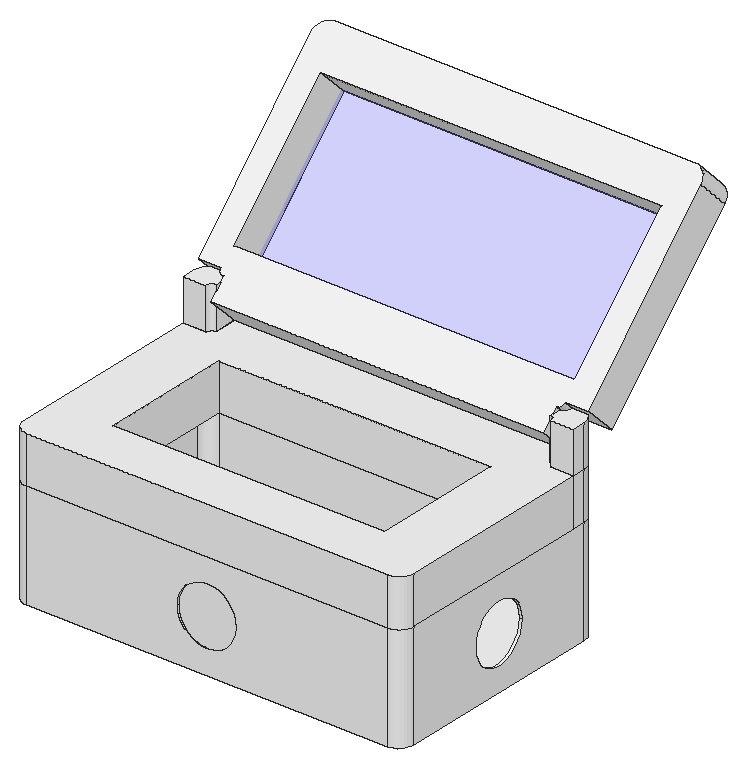
Revit family "Domotics-DomesticRanges-GEWISS-27COMBI_SYSTEM-IP55_1P_2P_3P_4P", category Apparecchi elettrici, host Superficie, Revit 2016
Family settings
  Host = Superficie
  Mantenere orientamento annotazione = No
  Tipo di parte = Normale
  Quota connettore circolare = Usa diametro
  Numero OmniClass = 23.80.30.14.24
  Titolo OmniClass = Junction Boxes
  Taglio con vuoti quando caricato = Sì
  Condiviso = No
  Punto di calcolo locali = No
Parameters (values of type "GW27044 - 4 gangs")
  Version file RFA = "19.4"
  URL = "https://www.gewiss.com/ww/en"
  Type of knockout holes = "Removable with tool"
  Torque screws tightening = "0,8NM"
  Tipo = SYSTEM COMBI CONTENITORI IP55_BASE : GW27044 - 4 POSTO
  Thermo-pressure with ball = "70 °C"
  Technical sheet = "https://www.gewiss.com/ww/en/search?q=GW27044"
  Standard; = "EN 60670-1"
  Shock resistance = "IK07"
  SPORTELLO APERTO [instance] = yes
  SEO = "Enclosure"
  Realized by GEWISS S.p.A. = ""
  Produttore = "GEWISS S.p.A."
  Outer dim. LxHxD (mm) = "132x82x65"
  No. knockout holes Ã˜23 = "8 on sides / 1 on the bottom"
  No. SYSTEM modules = "4 gang"
  N. holes Ã˜ 23 with cable gland = ""
  Modello = "GW27044"
  Lid screws = "Stainless steel"
  Larghezza = 132 mm
  Insulation class = "II"
  Installation temperature = "-25 +60 °C"
  IP degree = "IP55"
  IFC.TypeObject = ""
  IFC.ExportType = ""
  IFC.ExportAs = ""
  Default Elevation = 1219.2 mm
  Immagine tipo = GW27044.jpg
  IDT = "3807d107-ecc7-4bef-bd8b-fcc875e0ad94"
  IDF = "ca9a8566-e3d3-440d-b06c-67991be3eed3"
  Glow Wire Test = "650°C"
  Electrocod = "0212"
  EAN code = "8011564055391"
  Door type = "With membrane"
  Door colour: = "Transparent"
  Descrizione = "HORIZ.4(4x1) GANG ENCLOSURE IP55"
  Description: = "4 gang"
  Colour = "Grey RAL 7035"
  Catalogue Range = "27COMBI"
  Catalogue = "DOMOTICS"
  COBie.Tagnumber = ""
  COBie.CreatedOn = ""
  COBie.CreatebBy = ""
  COBie.ComponentRegisterItemID = ""
  COBie.Component.TagNumber = ""
  COBie.Component.Space = ""
  COBie.Component.SerialNumber = ""
  COBie.Component.InstallationDate = ""
  COBie.Component.Description = ""
  COBie.Component.BarCode = ""
Types (4, lengths in mm): name | Tipo | Technical sheet | Outer dim. LxHxD (mm) | No. knockout holes Ã˜23 | No. SYSTEM modules | N. holes Ã˜ 23 with cable gland | Modello | Larghezza | Immagine tipo | IDT | EAN code | Descrizione | Description:
  GW27041 - 1 gang | SYSTEM COMBI CONTENITORI IP55_BASE : GW27041 - 1 POSTO | "https://www.gewiss.com/ww/en/search?q=GW27041" | "66x82x65" | "3 on sides / 1 on the bottom" | "1 gang" | "1" | "GW27041" | 66 | GW27041.jpg | "8f18aae1-c1c6-496f-8bd1-f9b18db38e98" | "8011564055360" | "HORIZ.1 GANG ENCLOSURE IP55" | "1 gang"
  GW27042 - 2 gangs | SYSTEM COMBI CONTENITORI IP55_BASE : GW27042 - 2 POSTO | "https://www.gewiss.com/ww/en/search?q=GW27042" | "66x82x65" | "3 on sides / 1 on the bottom" | "2 gang" | "1" | "GW27042" | 66 | GW27042.jpg | "f7184be8-eaa5-4369-bd14-6d072688526a" | "8011564055377" | "HORIZ.2 GANG ENCLOSURE IP55" | "2 gang"
  GW27043 - 3 gangs | SYSTEM COMBI CONTENITORI IP55_BASE : GW27043 - 3 POSTO | "https://www.gewiss.com/ww/en/search?q=GW27043" | "99x82x65" | "3 on sides / 1 on the bottom" | "3 gang" | "1" | "GW27043" | 99 | GW27043.jpg | "1fe81450-284b-45f8-b475-0bfe40f20753" | "8011564055384" | "HORIZ.3 GANG ENCLOSURE IP55" | "3 gang"
  GW27044 - 4 gangs | SYSTEM COMBI CONTENITORI IP55_BASE : GW27044 - 4 POSTO | "https://www.gewiss.com/ww/en/search?q=GW27044" | "132x82x65" | "8 on sides / 1 on the bottom" | "4 gang" | "" | "GW27044" | 132 | GW27044.jpg | "3807d107-ecc7-4bef-bd8b-fcc875e0ad94" | "8011564055391" | "HORIZ.4(4x1) GANG ENCLOSURE IP55" | "4 gang"
Reference planes
  plane 1 "Centro (Fronte/Retro)": y = 0
  plane 2: z = 0
  plane 3 "Centro (Sinistra/Destra)": x = 0
  plane 4: x = -66
  plane 5: x = 66
  plane 6: y = 41
  plane 7: y = -41
  plane 8: z = 66
Lines and regions (mm)
  Masking region 1
    outline origin (0, 0, 0) x (1, 0, 0) y (0, 0, 1)
      loop
        line (-66, 0) -> (66, 0) -> (66, 66) -> (-66, 66) -> (-66, 0)
  Masking region 2
    outline origin (0, 0, 0) x (0, 1, 0) y (0, 0, 1)
      loop
        line (-41, 0) -> (41, 0) -> (41, 66) -> (-41, 66) -> (-41, 0)
  Masking region 3, detail levels medium+fine
    outline origin (0, 0, 0) x (1, 0, 0) y (0, 0, 1)
      loop
        circle (0, 18) r 10
  Masking region 4, detail levels medium+fine
    outline origin (0, 0, 3.713) x (0, 1, 0) y (0, 0, 1)
      loop
        circle (0, 13.287) r 10
Dimensions and locks
  equal spacing: plane 4, plane 3 "Centro (Sinistra/Destra)", plane 5
  "Larghezza": plane 4 to plane 5
  locked: plane 6 to plane 7 at 82
  locked: plane 8 to host face at 66
  aligned and locked: plane 2 to host face
  aligned and locked: level to host face
  aligned and locked: plane 1 "Centro (Fronte/Retro)" to nested 1
  aligned and locked: plane 3 "Centro (Sinistra/Destra)" to nested 1
  aligned and locked: Masking region 1 sketch curve to level
  aligned and locked: plane 5 to Masking region 1 sketch curve
  aligned and locked: plane 8 to Masking region 1
  aligned and locked: Masking region 1 to plane 4
  aligned and locked: Masking region 2 sketch curve to level
  aligned and locked: plane 8 to Masking region 2 sketch curve
  aligned and locked: plane 6 to Masking region 2 sketch curve
Automatic sketch dimensions
  host sketch curve to host sketch curve = 2438.4 mm  (x2)
  Masking region 1 sketch curve to plane 3 "Centro (Sinistra/Destra)" = 66 mm
  level to Masking region 1 sketch curve = 66 mm
  Masking region 2 sketch curve to plane 7 = 0 mm
  Masking region 3 sketch curve to plane 3 "Centro (Sinistra/Destra)" = 0 mm
  level to Masking region 3 sketch curve = 18 mm
  Masking region 4 sketch curve to plane 1 "Centro (Fronte/Retro)" = 0 mm
  level to Masking region 4 sketch curve = 17 mm
  radius of Masking region 3 sketch curve = 10 mm
  radius of Masking region 4 sketch curve = 10 mm
Nested families
  nested 1: "SYSTEM COMBI CONTENITORI IP55_BASE" at (0, 0, 0), type <- "Tipo", Sportello aperto <- "SPORTELLO APERTO", type "GW27044 - 4 POSTO"
    with Sportello chiuso no, Sportello aperto yes
Definition of nested family "SYSTEM COMBI CONTENITORI IP55_BASE"
  Parameters (values of type "GW27041 - 1 POSTO")
    VETRO = none
    Sportello chiuso [instance] = not(Sportello aperto)  # no
    Sportello aperto [instance] = yes
    Profondità scatola = 36 mm
    Offset bidimensionale = 60 mm
    Larghezza scatola = 66 mm
    SCATOLA = none
    Larghezza foro = 23 mm
    Dettaglio 4P = no
    Dettaglio 3-2-1P = yes
    Default Elevation = 1219.2 mm
    Altezza scatola = 82 mm
    Altezza foro = 45 mm
  Types (4, lengths in mm): name | Larghezza scatola | Larghezza foro | Dettaglio 4P | Dettaglio 3-2-1P
    GW27041 - 1 POSTO | 66 | 23 | no | yes
    GW27042 - 2 POSTO | 66 | 46 | no | yes
    GW27043 - 3 POSTO | 99 | 69 | no | yes
    GW27044 - 4 POSTO | 132 | 92 | yes | no
  Reference planes
    plane 1 "Centro (Fronte/Retro)": y = 0
    plane 2: z = 0
    plane 3 "Centro (Sinistra/Destra)": x = 0
    plane 4: x = -33
    plane 5: x = 33
    plane 6 "1": y = 41
    plane 7: y = -41
    plane 8 "PIANO 1": z = 66
    plane 9: z = 36
    plane 10 "2": z = 2
    plane 11: z = 52
    plane 12: x = -11.5
    plane 13: x = 11.5
    plane 14: y = 21.5
    plane 15: y = -23.5
    plane 16: z = 18
    plane 17 "PIANO BIDIMENSIONALE": z = 60
  Forms (mm)
    Extrusion 1, solid, material <- "SCATOLA", detail levels medium+fine
      sketch origin (0, 0, 66) x (0, -1, 0) y (1, 0, 0)
        loop
          arc (-41, -28) -> (-39.536, -31.536) -> (-36, -33) r 5
          line (-36, -33) -> (36, -33)
          arc (36, -33) -> (39.536, -31.536) -> (41, -28) r 5
          line (41, -28) -> (41, 28)
          arc (41, 28) -> (39.536, 31.536) -> (36, 33) r 5
          line (36, 33) -> (-36, 33)
          arc (-36, 33) -> (-39.536, 31.536) -> (-41, 28) r 5
          line (-41, 28) -> (-41, -28)
      from -66 to -30
    Extrusion 2, void, detail levels medium+fine
      sketch origin (0, 0, 66) x (0, -1, 0) y (1, 0, 0)
        loop
          line (-40, 28) -> (-40, -28)
          arc (-40, -28) -> (-38.828, -30.828) -> (-36, -32) r 4
          line (-36, -32) -> (36, -32)
          arc (36, -32) -> (38.828, -30.828) -> (40, -28) r 4
          line (40, -28) -> (40, 28)
          arc (40, 28) -> (38.828, 30.828) -> (36, 32) r 4
          line (36, 32) -> (-36, 32)
          arc (-36, 32) -> (-38.828, 30.828) -> (-40, 28) r 4
      from -64 to -30
    Extrusion 3, solid, material <- "SCATOLA", visible <- "Sportello chiuso", detail levels medium+fine
      sketch origin (0, 0, 66) x (0, -1, 0) y (1, 0, 0)
        loop
          line (-41, -23.414) -> (-33.415, -23.414)
          arc (-33.415, -23.414) -> (-32.861, -24.751) -> (-31.525, -25.304) r 1.89
          line (-31.525, -25.304) -> (-31.525, -33) -> (36, -33)
          arc (36, -33) -> (39.536, -31.536) -> (41, -28) r 5
          line (41, -28) -> (41, 28)
          arc (41, 28) -> (39.536, 31.536) -> (36, 33) r 5
          line (36, 33) -> (-31.525, 33) -> (-31.525, 25.304)
          arc (-31.525, 25.304) -> (-32.861, 24.751) -> (-33.415, 23.414) r 1.89
          line (-33.415, 23.414) -> (-41, 23.414) -> (-41, -23.414)
        loop
          line (26.857, 24.717) -> (-24.857, 24.717) -> (-24.857, -24.717) -> (26.857, -24.717) -> (26.857, 24.717)
      from -14 to 0
    Extrusion 4, solid, material <- "SCATOLA", detail levels medium+fine
      sketch origin (0, 0, 66) x (0, -1, 0) y (1, 0, 0)
        loop
          line (-41, -23.414) -> (-33.415, -23.414)
          arc (-33.415, -23.414) -> (-32.861, -24.751) -> (-31.525, -25.304) r 1.89
          line (-31.525, -25.304) -> (-31.525, -33) -> (36, -33)
          arc (36, -33) -> (39.536, -31.536) -> (41, -28) r 5
          line (41, -28) -> (41, 28)
          arc (41, 28) -> (39.536, 31.536) -> (36, 33) r 5
          line (36, 33) -> (-31.525, 33) -> (-31.525, 25.304)
          arc (-31.525, 25.304) -> (-32.861, 24.751) -> (-33.415, 23.414) r 1.89
          line (-33.415, 23.414) -> (-41, 23.414) -> (-41, -23.414)
        loop
          line (23.5, 11.5) -> (-21.5, 11.5) -> (-21.5, -11.5) -> (23.5, -11.5) -> (23.5, 11.5)
      from -30 to -14
    Extrusion 5, solid, material <- "SCATOLA", detail levels medium+fine
      sketch origin (0, 0, 66) x (0, -1, 0) y (1, 0, 0)
        loop
          arc (-41, -28) -> (-39.536, -31.536) -> (-36, -33) r 5
          line (-36, -33) -> (-31.525, -33) -> (-31.525, -25.304)
          arc (-31.525, -25.304) -> (-32.861, -24.751) -> (-33.415, -23.414) r 1.89
          line (-33.415, -23.414) -> (-41, -23.414) -> (-41, -28)
      from -14 to 0
    Extrusion 6, solid, material <- "SCATOLA", detail levels medium+fine
      sketch origin (0, 0, 66) x (0, -1, 0) y (1, 0, 0)
        loop
          line (-41, 28) -> (-41, 23.414) -> (-33.415, 23.414)
          arc (-33.415, 23.414) -> (-32.861, 24.751) -> (-31.525, 25.304) r 1.89
          line (-31.525, 25.304) -> (-31.525, 33) -> (-36, 33)
          arc (-36, 33) -> (-39.536, 31.536) -> (-41, 28) r 5
      from -14 to 0
    Extrusion 7, solid, material <- "VETRO", visible <- "Sportello chiuso", detail levels medium+fine
      sketch origin (0, 0, 66) x (0, -1, 0) y (1, 0, 0)
        loop
          line (-24.857, -24.717) -> (26.857, -24.717) -> (26.857, 24.717) -> (-24.857, 24.717) -> (-24.857, -24.717)
      from -6 to 0
    Extrusion 8, solid, material <- "SCATOLA", visible <- "Sportello aperto", detail levels medium+fine
      sketch origin (0, 69.991, 80.991) x (0, 0.707107, 0.707107) y (1, 0, 0)
        loop
          line (-41, -23.414) -> (-33.415, -23.414)
          arc (-33.415, -23.414) -> (-32.861, -24.751) -> (-31.525, -25.304) r 1.89
          line (-31.525, -25.304) -> (-31.525, -33) -> (36, -33)
          arc (36, -33) -> (39.536, -31.536) -> (41, -28) r 5
          line (41, -28) -> (41, 28)
          arc (41, 28) -> (39.536, 31.536) -> (36, 33) r 5
          line (36, 33) -> (-31.525, 33) -> (-31.525, 25.304)
          arc (-31.525, 25.304) -> (-32.861, 24.751) -> (-33.415, 23.414) r 1.89
          line (-33.415, 23.414) -> (-41, 23.414) -> (-41, -23.414)
        loop
          line (26.857, 24.717) -> (-24.857, 24.717) -> (-24.857, -24.717) -> (26.857, -24.717) -> (26.857, 24.717)
      from -14 to 0
    Extrusion 9, solid, material <- "VETRO", visible <- "Sportello aperto", detail levels medium+fine
      sketch origin (0, 69.991, 80.991) x (0, 0.707107, 0.707107) y (1, 0, 0)
        loop
          line (-24.857, -24.717) -> (26.857, -24.717) -> (26.857, 24.717) -> (-24.857, 24.717) -> (-24.857, -24.717)
      from -1.5 to 0
    Extrusion 10, solid, material <- "SCATOLA", visible <- "Sportello aperto", not visible
      sketch origin (210, 0, -63.711) x (0, -1, 0) y (1, 0, 0)
        loop
          line (-41, -56.414) -> (-33.415, -56.414)
          arc (-33.415, -56.414) -> (-32.861, -57.751) -> (-31.525, -58.304) r 1.89
          line (-31.525, -58.304) -> (-31.525, -66) -> (36, -66)
          arc (36, -66) -> (39.536, -64.536) -> (41, -61) r 5
          line (41, -61) -> (41, 61)
          arc (41, 61) -> (39.536, 64.536) -> (36, 66) r 5
          line (36, 66) -> (-31.525, 66) -> (-31.525, 58.304)
          arc (-31.525, 58.304) -> (-32.861, 57.751) -> (-33.415, 56.414) r 1.89
          line (-33.415, 56.414) -> (-41, 56.414) -> (-41, -56.414)
        loop
          line (26.857, 57.717) -> (-24.857, 57.717) -> (-24.857, -57.717) -> (26.857, -57.717) -> (26.857, 57.717)
      from -14 to 0
    Extrusion 11, solid, material <- "VETRO", visible <- "Sportello aperto", not visible
      sketch origin (210, 0, -63.711) x (0, -1, 0) y (1, 0, 0)
        loop
          line (-24.857, -57.717) -> (26.857, -57.717) -> (26.857, 57.717) -> (-24.857, 57.717) -> (-24.857, -57.717)
      from -1.5 to 0
    Extrusion 12, solid, material <- "SCATOLA", detail levels fine
      sketch origin (0, 0, 0) x (1, 0, 0) y (0, 0, 1)
        loop
          circle (0, 18) r 16
      from -43 to -41
    Extrusion 13, solid, material <- "SCATOLA", detail levels fine
      sketch origin (0, 41, 0) x (-1, 0, 0) y (0, 0, 1)
        loop
          circle (0, 18) r 13
      from 5 to 3
    Extrusion 14, solid, material <- "SCATOLA", detail levels fine
      sketch origin (0, 41, 0) x (-1, 0, 0) y (0, 0, 1)
        loop
          circle (0, 18) r 10
      from 8 to 6
    Extrusion 15, solid, material <- "SCATOLA", detail levels fine
      sketch origin (0, 41, 0) x (-1, 0, 0) y (0, 0, 1)
        loop
          circle (0, 18) r 3
      from 2 to 6
    Extrusion 16, solid, material <- "SCATOLA", detail levels medium+fine
      sketch origin (0, 0, 0) x (1, 0, 0) y (0, 1, 0)
        loop
          line (-23.414, 33.415) -> (-23.414, 41) -> (-28, 41)
          arc (-28, 41) -> (-31.536, 39.536) -> (-33, 36) r 5
          line (-33, 36) -> (-33, 31.525) -> (-25.304, 31.525)
          arc (-25.304, 31.525) -> (-24.751, 32.861) -> (-23.414, 33.415) r 1.89
        loop
          arc (23.414, 33.415) -> (24.751, 32.861) -> (25.304, 31.525) r 1.89
          line (25.304, 31.525) -> (33, 31.525) -> (33, 36)
          arc (33, 36) -> (31.536, 39.536) -> (28, 41) r 5
          line (28, 41) -> (23.414, 41) -> (23.414, 33.415)
      from 36 to 52
    Extrusion 17, void, detail levels medium+fine
      sketch origin (0, 0, 0) x (0, 1, 0) y (0, 0, 1)
        loop
          circle (0, 18) r 10
      from 32.526 to 33
    Extrusion 18, void, detail levels medium+fine
      sketch origin (0, 0, 0) x (1, 0, 0) y (0, 0, 1)
        loop
          circle (0, 18) r 10
      from 40.592 to 41
    Extrusion 19, void, detail levels medium+fine
      sketch origin (0, 0, 0) x (0, 1, 0) y (0, 0, -1)
        loop
          circle (0, -18) r 11.5
      from 32.526 to 33
    Extrusion 20, void, detail levels medium+fine
      sketch origin (0, 0, 0) x (1, 0, 0) y (0, 0, -1)
        loop
          circle (0, -18) r 10
      from 40.592 to 41
    Extrusion 21, solid, material <- "SCATOLA", detail levels coarse
      sketch origin (0, 0, 66) x (0, -1, 0) y (1, 0, 0)
        loop
          line (-41, 28) -> (-41, -28)
          arc (-41, -28) -> (-39.536, -31.536) -> (-36, -33) r 5
          line (-36, -33) -> (36, -33)
          arc (36, -33) -> (39.536, -31.536) -> (41, -28) r 5
          line (41, -28) -> (41, 28)
          arc (41, 28) -> (39.536, 31.536) -> (36, 33) r 5
          line (36, 33) -> (-36, 33)
          arc (-36, 33) -> (-39.536, 31.536) -> (-41, 28) r 5
      from -66 to -6
  Cuts and joins
    Extrusion 2, Extrusion 17, Extrusion 18, Extrusion 19, Extrusion 20 cuts Extrusion 1
  Lines and regions (mm)
    Masking region 1
      outline origin (0, 0, 2) x (0, -1, 0) y (1, 0, 0)
        loop
          line (36, 33) -> (-36, 33)
          arc (-36, 33) -> (-39.536, 31.536) -> (-41, 28) r 5
          line (-41, 28) -> (-41, -28)
          arc (-41, -28) -> (-39.536, -31.536) -> (-36, -33) r 5
          line (-36, -33) -> (36, -33)
          arc (36, -33) -> (39.536, -31.536) -> (41, -28) r 5
          line (41, -28) -> (41, 28)
          arc (41, 28) -> (39.536, 31.536) -> (36, 33) r 5
        loop
          line (23.5, 11.5) -> (-21.5, 11.5) -> (-21.5, -11.5) -> (23.5, -11.5) -> (23.5, 11.5)
    Masking region 2
      outline origin (0, 0, 2) x (0, -1, 0) y (1, 0, 0)
        loop
          line (-21.5, -11.5) -> (23.5, -11.5) -> (23.5, 11.5) -> (-21.5, 11.5) -> (-21.5, -11.5)
    Masking region 3
      outline origin (0, 0, 0) x (1, 0, 0) y (0, 1, 0)
        loop
          line (-33, 31.525) -> (-25.304, 31.525)
          arc (-25.304, 31.525) -> (-24.751, 32.861) -> (-23.414, 33.415) r 1.89
          line (-23.414, 33.415) -> (-23.414, 41) -> (-28, 41)
          arc (-28, 41) -> (-31.536, 39.536) -> (-33, 36) r 5
          line (-33, 36) -> (-33, 31.525)
        loop
          line (25.304, 31.525) -> (33, 31.525) -> (33, 36)
          arc (33, 36) -> (31.536, 39.536) -> (28, 41) r 5
          line (28, 41) -> (23.414, 41) -> (23.414, 33.415)
          arc (23.414, 33.415) -> (24.751, 32.861) -> (25.304, 31.525) r 1.89
        loop
          circle (-28, 36) r 2
        loop
          circle (28, 36) r 2
        loop
          line (-13.5, -41) -> (-11.5, -41) -> (-11.5, -38.247)
          arc (-11.5, -38.247) -> (-10.914, -36.833) -> (-9.5, -36.247) r 2
          line (-9.5, -36.247) -> (9.496, -36.247)
          arc (9.496, -36.247) -> (10.91, -36.833) -> (11.496, -38.247) r 2
          line (11.496, -38.247) -> (11.496, -41) -> (13.496, -41) -> (13.496, -36.247)
          arc (13.496, -36.247) -> (12.91, -34.833) -> (11.496, -34.247) r 2
          line (11.496, -34.247) -> (-11.5, -34.247)
          arc (-11.5, -34.247) -> (-12.914, -34.833) -> (-13.5, -36.247) r 2
          line (-13.5, -36.247) -> (-13.5, -41)
    Masking region 4
      outline origin (0, 0, 0) x (1, 0, 0) y (0, 1, 0)
        loop
          line (-24.717, -26.857) -> (24.717, -26.857) -> (24.717, 31.525)
          arc (24.717, 31.525) -> (24.336, 32.446) -> (23.414, 32.828) r 1.303
          line (23.414, 32.828) -> (-23.414, 32.828)
          arc (-23.414, 32.828) -> (-24.336, 32.446) -> (-24.717, 31.525) r 1.303
          line (-24.717, 31.525) -> (-24.717, -26.857)
        loop
          line (-11.5, 21.5) -> (-11.5, -23.5) -> (11.5, -23.5) -> (11.5, 21.5) -> (-11.5, 21.5)
    model lines, detail levels coarse
      curve 1: arc (33, -36, 60) -> (31.536, -39.536, 60) -> (28, -41, 60) r 5
      curve 2: line (33, 36, 60) -> (33, -36, 60)
      curve 3: arc (28, 41, 60) -> (31.536, 39.536, 60) -> (33, 36, 60) r 5
      curve 4: line (-28, 41, 60) -> (28, 41, 60)
      curve 5: arc (-28, 41, 60) -> (-31.536, 39.536, 60) -> (-33, 36, 60) r 5
      curve 6: line (-33, -36, 60) -> (-33, 36, 60)
      curve 7: arc (-28, -41, 60) -> (-31.536, -39.536, 60) -> (-33, -36, 60) r 5
      curve 8: line (28, -41, 60) -> (-28, -41, 60)
      curve 29: line (24.717, -26.857, 60) -> (-24.717, -26.857, 60)
      curve 30: line (24.717, 31.525, 60) -> (24.717, -26.857, 60)
      curve 31: line (-24.717, -26.857, 60) -> (-24.717, 31.525, 60)
      curve 32: line (-24.717, 24.857, 60) -> (24.717, 24.857, 60)
      curve 33: arc (-23.414, 32.828, 60) -> (-24.336, 32.446, 60) -> (-24.717, 31.525, 60) r 1.303
      curve 34: line (-23.414, 32.828, 60) -> (23.414, 32.828, 60)
      curve 35: arc (23.414, 32.828, 60) -> (24.336, 32.446, 60) -> (24.717, 31.525, 60) r 1.303
      curve 36: line (33, 31.525, 60) -> (25.304, 31.525, 60)
      curve 37: arc (23.414, 33.415, 60) -> (24.751, 32.861, 60) -> (25.304, 31.525, 60) r 1.89
      curve 38: line (23.414, 41, 60) -> (23.414, 33.415, 60)
      curve 39: line (-23.414, 33.415, 60) -> (23.414, 33.415, 60)
      curve 40: line (-33, 31.525, 60) -> (-25.304, 31.525, 60)
      curve 41: arc (-23.414, 33.415, 60) -> (-24.751, 32.861, 60) -> (-25.304, 31.525, 60) r 1.89
      curve 42: line (-23.414, 41, 60) -> (-23.414, 33.415, 60)
      curve 43: circle (-28, 36, 60) r 2 normal (0, 0, 1)
      curve 44: line (-26.172, 36.81, 60) -> (-29.472, 34.646, 60)
      curve 45: line (-29.912, 35.413, 60) -> (-26.7, 37.52, 60)
      curve 46: line (29.912, 35.413, 60) -> (26.7, 37.52, 60)
      curve 47: line (26.108, 36.647, 60) -> (29.348, 34.523, 60)
      curve 48: circle (28, 36, 60) r 2 normal (0, 0, -1)
      curve 49: line (-11.5, 21.5, 60) -> (11.5, 21.5, 60)
      curve 50: line (-11.5, -23.5, 60) -> (-11.5, 21.5, 60)
      curve 51: line (11.5, -23.5, 60) -> (-11.5, -23.5, 60)
      curve 52: line (11.5, 21.5, 60) -> (11.5, -23.5, 60)
    model lines, visible <- "Dettaglio 4P", detail levels coarse
      curve 9: line (-25, -41, 60) -> (-25, -36.247, 60)
      curve 10: line (-23, -41, 60) -> (-23, -38.247, 60)
      curve 11: arc (-21, -36.247, 60) -> (-22.414, -36.833, 60) -> (-23, -38.247, 60) r 2
      curve 12: arc (-23, -34.247, 60) -> (-24.414, -34.833, 60) -> (-25, -36.247, 60) r 2
      curve 13: line (-23, -34.247, 60) -> (-8.093, -34.247, 60)
      curve 14: line (-21, -36.247, 60) -> (-10.093, -36.247, 60)
      curve 15: arc (-6.093, -36.247, 60) -> (-6.679, -34.833, 60) -> (-8.093, -34.247, 60) r 2
      curve 16: arc (-8.093, -38.247, 60) -> (-8.679, -36.833, 60) -> (-10.093, -36.247, 60) r 2
      curve 17: line (-8.093, -41, 60) -> (-8.093, -38.247, 60)
      curve 18: line (-6.093, -41, 60) -> (-6.093, -36.247, 60)
      curve 19: line (6.093, -41, 60) -> (6.093, -36.247, 60)
      curve 20: line (8.093, -41, 60) -> (8.093, -38.247, 60)
      curve 21: arc (8.093, -38.247, 60) -> (8.679, -36.833, 60) -> (10.093, -36.247, 60) r 2
      curve 22: arc (6.093, -36.247, 60) -> (6.679, -34.833, 60) -> (8.093, -34.247, 60) r 2
      curve 23: line (23, -34.247, 60) -> (8.093, -34.247, 60)
      curve 24: line (21, -36.247, 60) -> (10.093, -36.247, 60)
      curve 25: arc (21, -36.247, 60) -> (22.414, -36.833, 60) -> (23, -38.247, 60) r 2
      curve 26: arc (23, -34.247, 60) -> (24.414, -34.833, 60) -> (25, -36.247, 60) r 2
      curve 27: line (23, -41, 60) -> (23, -38.247, 60)
      curve 28: line (25, -41, 60) -> (25, -36.247, 60)
    model lines, visible <- "Dettaglio 3-2-1P", detail levels coarse
      curve 53: line (-25, -41, 60) -> (-25, -36.247, 60)
      curve 54: line (-23, -41, 60) -> (-23, -38.247, 60)
      curve 55: arc (-23, -34.247, 60) -> (-24.414, -34.833, 60) -> (-25, -36.247, 60) r 2
      curve 56: arc (-21, -36.247, 60) -> (-22.414, -36.833, 60) -> (-23, -38.247, 60) r 2
      curve 57: line (-21, -36.247, 60) -> (21, -36.247, 60)
      curve 58: line (-23, -34.247, 60) -> (23, -34.247, 60)
      curve 59: arc (22.996, -38.247, 60) -> (22.41, -36.833, 60) -> (20.996, -36.247, 60) r 2
      curve 60: arc (24.996, -36.247, 60) -> (24.41, -34.833, 60) -> (22.996, -34.247, 60) r 2
      curve 61: line (24.996, -41, 60) -> (24.996, -36.247, 60)
      curve 62: line (22.996, -41, 60) -> (22.996, -38.247, 60)
  Dimensions and locks
    equal spacing: plane 4, plane 3 "Centro (Sinistra/Destra)", plane 5
    equal spacing: plane 6 "1", plane 1 "Centro (Fronte/Retro)", plane 7
    "Altezza scatola": plane 6 "1" to plane 7
    "Larghezza scatola": plane 4 to plane 5
    "Profondità scatola": plane 9 to level
    plane 8 "PIANO 1" to plane 11 = 14 mm
    "Altezza foro": plane 15 to plane 14
    "Larghezza foro": plane 12 to plane 13
    equal spacing: plane 12, plane 3 "Centro (Sinistra/Destra)", plane 13
    equal spacing: level, plane 16, plane 9
    "Offset bidimensionale": plane 17 "PIANO BIDIMENSIONALE" to plane 2
    aligned and locked: level to plane 2
    aligned and locked: Extrusion 1 sketch curve to plane 6 "1"
    aligned and locked: plane 4 to Extrusion 1 sketch curve
    aligned and locked: Extrusion 1 sketch curve to plane 5
    aligned and locked: plane 7 to Extrusion 1 sketch curve
    aligned and locked: Extrusion 1 to level
    aligned and locked: Extrusion 2 to plane 10 "2"
    aligned and locked: plane 9 to Extrusion 2
    aligned and locked: plane 9 to Extrusion 1
    aligned and locked: Extrusion 3 sketch curve to plane 4
    aligned and locked: plane 6 "1" to Extrusion 3 sketch curve
    aligned and locked: plane 5 to Extrusion 3 sketch curve
    aligned and locked: Extrusion 3 sketch curve to plane 7
    aligned and locked: plane 8 "PIANO 1" to Extrusion 3
    aligned and locked: Extrusion 3 to plane 11
    aligned and locked: Extrusion 4 to Extrusion 3
    aligned and locked: Extrusion 4 to plane 9
    aligned and locked: cut or joined group of Extrusion 1, Extrusion 2, Extrusion 17, Extrusion 18, Extrusion 19, Extrusion 20 to Extrusion 5 sketch curve
    aligned and locked: Extrusion 5 sketch curve to cut or joined group of Extrusion 1, Extrusion 2, Extrusion 17, Extrusion 18, Extrusion 19, Extrusion 20
    aligned and locked: Extrusion 5 to Extrusion 3
    aligned and locked: plane 5 to Extrusion 6
    aligned and locked: Extrusion 7 sketch curve to Extrusion 3  (x2)
    aligned and locked: plane 8 "PIANO 1" to Extrusion 7
    aligned and locked: Extrusion 9 sketch curve to Extrusion 8  (x2)
    aligned and locked: Extrusion 11 sketch curve to Extrusion 10  (x2)
    aligned and locked: Extrusion 8 to plane 4
    aligned and locked: Extrusion 9 to Extrusion 8  (x2)
    aligned and locked: Extrusion 11 to Extrusion 10  (x2)
    aligned and locked: plane 4 to Extrusion 8 sketch curve
    aligned and locked: Extrusion 8 sketch curve to plane 5
    aligned and locked: plane 14 to Extrusion 4 sketch curve
    aligned and locked: Extrusion 4 sketch curve to plane 15
    aligned and locked: plane 12 to Extrusion 4 sketch curve
    aligned and locked: Extrusion 4 sketch curve to plane 13
    aligned and locked: plane 6 "1" to Extrusion 12
    aligned and locked: Extrusion 15 to Extrusion 12
    aligned and locked: Extrusion 15 to Extrusion 14
    aligned and locked: Extrusion 6 to Extrusion 4
    aligned and locked: Extrusion 5 to Extrusion 4
    aligned and locked: Extrusion 16 to Extrusion 3
    aligned and locked: Extrusion 16 to cut or joined group of Extrusion 1, Extrusion 2, Extrusion 17, Extrusion 18, Extrusion 19, Extrusion 20
    aligned and locked: Extrusion 16 sketch curve to Extrusion 4
    aligned and locked: plane 5 to Extrusion 17
    aligned and locked: Extrusion 18 to plane 7
    aligned and locked: Extrusion 1 to Extrusion 19
    aligned and locked: Extrusion 21 sketch curve to Extrusion 3  (x4)
    aligned and locked: Extrusion 21 to level
    aligned and locked: Extrusion 21 to Extrusion 7
    aligned and locked: plane 17 "PIANO BIDIMENSIONALE" to Extrusion 21
    aligned and locked: Extrusion 21 to plane 2
    aligned and locked: Masking region 1 sketch curve to Extrusion 21  (x4)
    aligned and locked: Masking region 1 sketch curve to curve 51
    aligned and locked: Masking region 1 sketch curve to curve 50
    aligned and locked: Masking region 1 sketch curve to curve 49
    aligned and locked: Masking region 1 sketch curve to curve 52
    aligned and locked: Masking region 2 sketch curve to curve 49
    aligned and locked: Masking region 2 sketch curve to curve 52
    aligned and locked: Masking region 2 sketch curve to curve 51
    aligned and locked: Masking region 2 sketch curve to curve 50
    aligned and locked: Masking region 3 sketch curve to Extrusion 16  (x4)
    aligned and locked: Masking region 3 sketch curve to Extrusion 6  (x4)
    aligned and locked: Masking region 4 sketch curve to curve 31
    aligned and locked: curve 34 to Masking region 4 sketch curve
    aligned and locked: curve 30 to Masking region 4 sketch curve
    aligned and locked: Masking region 4 sketch curve to curve 29
    aligned and locked: Masking region 4 sketch curve to curve 49
    aligned and locked: Masking region 4 sketch curve to curve 52
    aligned and locked: Masking region 4 sketch curve to curve 51
    aligned and locked: Masking region 4 sketch curve to curve 50
  Automatic sketch dimensions
    Extrusion 10 sketch curve to Extrusion 10 sketch curve = 7.585 mm  (x2)
    Extrusion 10 sketch curve to Extrusion 10 sketch curve = 1.89 mm  (x2)
    Extrusion 10 sketch curve to Extrusion 10 sketch curve = 6.668 mm
    Extrusion 10 sketch curve to Extrusion 10 sketch curve = 7.696 mm
    Extrusion 10 sketch curve to Extrusion 10 sketch curve = 0.587 mm  (x2)
    Extrusion 10 sketch curve to Extrusion 10 sketch curve = 112.829 mm
    Extrusion 10 sketch curve to Extrusion 10 sketch curve = 3.283 mm
    Extrusion 10 sketch curve to Extrusion 10 sketch curve = 51.714 mm
    Extrusion 10 sketch curve to Extrusion 10 sketch curve = 9.143 mm  (x2)
    Extrusion 10 sketch curve to Extrusion 10 sketch curve = 5 mm
    Extrusion 11 sketch curve to Extrusion 11 sketch curve = 51.714 mm
    Extrusion 1 sketch curve to Extrusion 1 sketch curve = 5 mm  (x2)
    Extrusion 1 sketch curve to plane 5 = 5 mm  (x2)
    Extrusion 2 sketch curve to plane 6 "1" = 1 mm
    plane 4 to Extrusion 2 sketch curve = 1 mm
    Extrusion 2 sketch curve to plane 6 "1" = 5 mm
    Extrusion 2 sketch curve to Extrusion 2 sketch curve = 4 mm
    plane 7 to Extrusion 2 sketch curve = 5 mm  (x2)
    plane 7 to Extrusion 2 sketch curve = 1 mm
    Extrusion 2 sketch curve to plane 5 = 5 mm
    Extrusion 3 sketch curve to Extrusion 3 sketch curve = 7.585 mm  (x2)
    Extrusion 3 sketch curve to plane 6 "1" = 9.475 mm
    Extrusion 3 sketch curve to Extrusion 3 sketch curve = 1.89 mm
    Extrusion 3 sketch curve to plane 14 = 3.357 mm
    plane 15 to Extrusion 3 sketch curve = 3.357 mm
    plane 7 to Extrusion 3 sketch curve = 5 mm
    Extrusion 3 sketch curve to plane 5 = 5 mm
    Extrusion 3 sketch curve to Extrusion 3 sketch curve = 7.696 mm
    Extrusion 3 sketch curve to Extrusion 3 sketch curve = 0.587 mm
    Extrusion 3 sketch curve to plane 5 = 9.586 mm
    Extrusion 3 sketch curve to plane 5 = 8.283 mm
    Extrusion 4 sketch curve to plane 6 "1" = 0 mm
    Extrusion 4 sketch curve to plane 4 = 0 mm
    Extrusion 4 sketch curve to plane 5 = 0 mm
    Extrusion 4 sketch curve to plane 7 = 0 mm
    Extrusion 4 sketch curve to Extrusion 4 sketch curve = 7.585 mm  (x2)
    Extrusion 4 sketch curve to plane 6 "1" = 9.475 mm
    Extrusion 4 sketch curve to Extrusion 4 sketch curve = 1.89 mm
    plane 7 to Extrusion 4 sketch curve = 5 mm
    Extrusion 4 sketch curve to plane 5 = 5 mm
    Extrusion 4 sketch curve to Extrusion 4 sketch curve = 7.696 mm
    Extrusion 4 sketch curve to plane 5 = 9.586 mm
    Extrusion 5 sketch curve to Extrusion 5 sketch curve = 5 mm
    Extrusion 5 sketch curve to Extrusion 5 sketch curve = 2.585 mm
    Extrusion 5 sketch curve to Extrusion 5 sketch curve = 1.89 mm
    Extrusion 5 sketch curve to Extrusion 5 sketch curve = 2.696 mm
    Extrusion 6 sketch curve to plane 6 "1" = 0 mm
    Extrusion 6 sketch curve to plane 5 = 0 mm
    plane 5 to Extrusion 6 sketch curve = 5 mm
    Extrusion 6 sketch curve to Extrusion 6 sketch curve = 2.585 mm
    Extrusion 6 sketch curve to Extrusion 6 sketch curve = 1.89 mm
    Extrusion 6 sketch curve to Extrusion 6 sketch curve = 2.696 mm
    plane 4 to Extrusion 8 sketch curve = 9.586 mm
    Extrusion 8 sketch curve to Extrusion 8 sketch curve = 7.585 mm  (x2)
    Extrusion 8 sketch curve to Extrusion 8 sketch curve = 1.89 mm  (x2)
    Extrusion 8 sketch curve to Extrusion 8 sketch curve = 6.668 mm
    Extrusion 8 sketch curve to plane 5 = 8.283 mm
    Extrusion 8 sketch curve to Extrusion 8 sketch curve = 51.714 mm
    Extrusion 8 sketch curve to Extrusion 8 sketch curve = 9.143 mm  (x2)
    Extrusion 8 sketch curve to plane 5 = 5 mm
    Extrusion 8 sketch curve to Extrusion 8 sketch curve = 0.587 mm
    Extrusion 8 sketch curve to plane 5 = 9.586 mm
    Extrusion 9 sketch curve to Extrusion 9 sketch curve = 51.714 mm
    Extrusion 12 sketch curve to plane 3 "Centro (Sinistra/Destra)" = 0 mm
    Extrusion 12 sketch curve to plane 16 = 0 mm
    Extrusion 13 sketch curve to plane 3 "Centro (Sinistra/Destra)" = 0 mm
    Extrusion 13 sketch curve to plane 16 = 0 mm
    Extrusion 14 sketch curve to plane 3 "Centro (Sinistra/Destra)" = 0 mm
    Extrusion 14 sketch curve to plane 16 = 0 mm
    Extrusion 15 sketch curve to plane 3 "Centro (Sinistra/Destra)" = 0 mm
    Extrusion 15 sketch curve to plane 16 = 0 mm
    Extrusion 16 sketch curve to plane 4 = 0 mm
    Extrusion 16 sketch curve to plane 6 "1" = 0 mm  (x2)
    Extrusion 16 sketch curve to plane 5 = 0 mm
    plane 4 to Extrusion 16 sketch curve = 5 mm
    Extrusion 16 sketch curve to Extrusion 16 sketch curve = 1.89 mm  (x2)
    Extrusion 16 sketch curve to plane 5 = 9.586 mm
    Extrusion 16 sketch curve to Extrusion 16 sketch curve = 4.586 mm
    Extrusion 16 sketch curve to Extrusion 16 sketch curve = 2.585 mm  (x2)
    Extrusion 17 sketch curve to plane 1 "Centro (Fronte/Retro)" = 0 mm
    plane 16 to Extrusion 17 sketch curve = 0 mm
    Extrusion 18 sketch curve to plane 3 "Centro (Sinistra/Destra)" = 0 mm
    Extrusion 18 sketch curve to plane 16 = 0 mm
    Extrusion 19 sketch curve to plane 1 "Centro (Fronte/Retro)" = 0 mm
    plane 16 to Extrusion 19 sketch curve = 0 mm
    Extrusion 20 sketch curve to plane 3 "Centro (Sinistra/Destra)" = 0 mm
    Extrusion 20 sketch curve to plane 16 = 0 mm
    plane 4 to Extrusion 21 sketch curve = 5 mm
    plane 7 to Extrusion 21 sketch curve = 5 mm  (x2)
    Extrusion 21 sketch curve to plane 5 = 5 mm
    curve 48 to curve 3 = 0 mm
    curve 5 to curve 43 = 0 mm  (x3)
    curve 33 to curve 41 = 0 mm  (x3)
    plane 4 to curve 43 = 5 mm
    curve 3 to curve 35 = 4.475 mm
    curve 5 to curve 33 = 4.475 mm
    curve 1 to plane 5 = 5 mm
    plane 7 to curve 12 = 4.753 mm
    plane 7 to curve 11 = 2.753 mm
    curve 5 to curve 33 = 4.586 mm
    curve 7 to curve 12 = 5 mm
    curve 12 to curve 11 = 2 mm
    curve 16 to plane 3 "Centro (Sinistra/Destra)" = 10.093 mm
    curve 16 to curve 15 = 2 mm
    plane 3 "Centro (Sinistra/Destra)" to curve 22 = 8.093 mm
    curve 25 to curve 26 = 2 mm
    curve 37 to curve 3 = 4.586 mm
    curve 46 to curve 47 = 0.872 mm
    curve 45 to curve 44 = 0.709 mm
    curve 5 to curve 45 = 0.587 mm
    curve 3 to curve 46 = 0.587 mm
    curve 45 to curve 44 = 0.767 mm
    curve 46 to curve 47 = 0.891 mm
    curve 42 to curve 33 = 1.89 mm
    curve 37 to curve 35 = 1.89 mm
    curve 39 to curve 34 = 0.587 mm
    curve 32 to plane 14 = 3.357 mm
    plane 15 to curve 29 = 3.357 mm
    curve 22 to curve 22 = 2 mm
    curve 26 to curve 26 = 2 mm
    curve 13 to curve 15 = 2 mm
    curve 11 to curve 11 = 2 mm
    curve 24 to curve 21 = 2 mm
    curve 45 to curve 44 = 0.44 mm
    curve 45 to curve 44 = 0.528 mm
    curve 31 to curve 12 = 1.717 mm
    curve 9 to curve 10 = 2 mm
    curve 17 to curve 18 = 2 mm
    curve 19 to curve 20 = 2 mm
    curve 26 to curve 29 = 1.717 mm
    curve 27 to curve 28 = 2 mm
    curve 47 to curve 46 = 0.592 mm
    curve 47 to curve 46 = 0.564 mm
    curve 1 to curve 28 = 0.247 mm
    curve 35 to curve 37 = 0 mm  (x3)
    curve 52 to plane 13 = 0 mm
    curve 3 to curve 48 = 0 mm  (x2)
    curve 48 to plane 5 = 5 mm
    plane 12 to curve 50 = 0 mm
    curve 59 to curve 25 = 0 mm
    curve 59 to curve 25 = 0.004 mm
    curve 60 to curve 26 = 0 mm
    curve 60 to curve 26 = 0.004 mm
    Extrusion 7 sketch curve to plane 14 = 3.357 mm
    plane 15 to Extrusion 7 sketch curve = 3.357 mm
    curve 5 to plane 6 "1" = 0 mm
    curve 3 to plane 5 = 0 mm
    plane 14 to curve 49 = 0 mm
    plane 15 to curve 50 = 0 mm
    Masking region 1 sketch curve to plane 6 "1" = 5 mm
    Masking region 1 sketch curve to Masking region 1 sketch curve = 5 mm
    plane 7 to Masking region 1 sketch curve = 5 mm  (x2)
    Masking region 3 sketch curve to Masking region 3 sketch curve = 0 mm  (x4)
    Masking region 3 sketch curve to plane 7 = 0 mm  (x2)
    Masking region 3 sketch curve to plane 12 = 0 mm  (x2)
    plane 4 to Masking region 3 sketch curve = 5 mm
    Masking region 3 sketch curve to Masking region 3 sketch curve = 1.89 mm  (x2)
    Masking region 3 sketch curve to plane 12 = 2 mm
    Masking region 3 sketch curve to Masking region 3 sketch curve = 2 mm  (x2)
    Masking region 3 sketch curve to plane 13 = 2.004 mm
    Masking region 3 sketch curve to plane 13 = 0.004 mm  (x2)
    plane 13 to Masking region 3 sketch curve = 1.996 mm
    Masking region 3 sketch curve to Masking region 3 sketch curve = 4.586 mm
    plane 7 to Masking region 3 sketch curve = 2.753 mm
    Masking region 4 sketch curve to Masking region 4 sketch curve = 1.303 mm  (x2)
    radius of Extrusion 12 sketch curve = 16 mm
    radius of Extrusion 13 sketch curve = 13 mm
    radius of Extrusion 14 sketch curve = 10 mm
    radius of Extrusion 15 sketch curve = 3 mm
    radius of Extrusion 17 sketch curve = 10 mm
    radius of Extrusion 18 sketch curve = 10 mm
    radius of Extrusion 19 sketch curve = 11.5 mm
    radius of Extrusion 20 sketch curve = 10 mm
    radius of Masking region 3 sketch curve = 2 mm  (x2)
